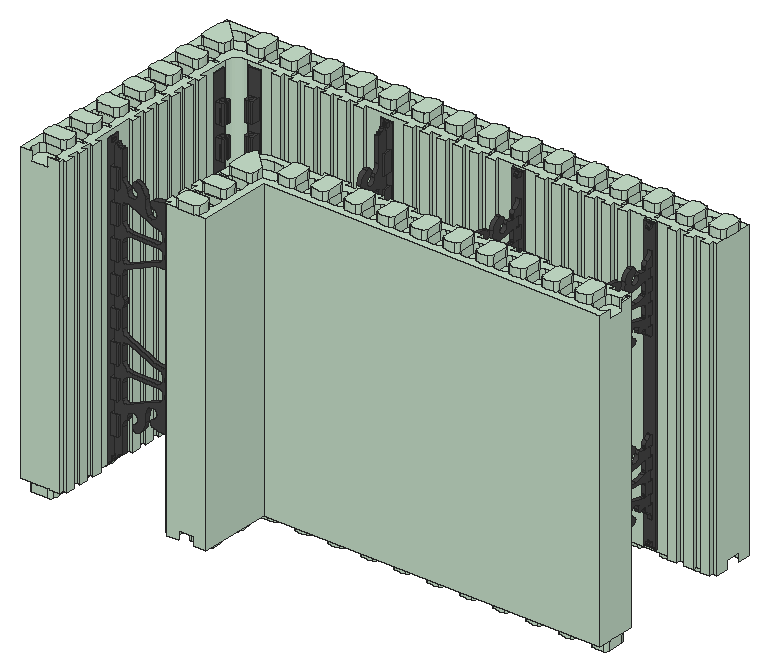
Revit family
Parameters (values of type "6-inch 90 Degree Form Unit")
  URL = "www.nudura.com"
  Overall Form Thickness = 0' - 11 1/4"
  Model = "6-inch 90 Degree Form Unit"
  Manufacturer = "NUDURA Corporation"
  Concrete Core Thickness = 0' - 6"
Reference planes (in)
  plane 1 "Center (Front/Back)": y = 0
  plane 2: z = 0
  plane 3 "Center (Left/Right)": x = 0
  plane 4: y = -3
  plane 5: y = 3
  plane 6: x = 3
  plane 7: x = -3
  plane 8: x = 26
  plane 9: y = -10
  plane 10: z = 18
  plane 11: y = 5.625
  plane 12: x = -5.625
  plane 13: x = 5.625
Forms (in)
  Extrusion 1, solid, material "EPS- NUDURA- Foam Panel"
    sketch origin (0, 0, 0) x (1, 0, 0) y (0, 1, 0)
      loop
        line (-5.625, 5.625) -> (-5.625, -10) -> (-3.25, -10) -> (-3.25, -9.71883) -> (-3, -9.78117) -> (-3, -9.21883) -> (-3.25, -9.28117) -> (-3.25, -8.71883) -> (-3, -8.78117) -> (-3, -8.21883) -> (-3.25, -8.28117) -> (-3.25, -7.71883) -> (-3, -7.78117) -> (-3, -7.21883) -> (-3.25, -7.28117) -> (-3.25, -4.71883) -> (-3, -4.78117) -> (-3, -4.21883) -> (-3.25, -4.28117) -> (-3.25, -3.71883) -> (-3, -3.78117) -> (-3, -3.21883) -> (-3.25, -3.28117) -> (-3.25, -2.71883) -> (-3, -2.78117) -> (-3, -2.21883) -> (-3.25, -2.28117) -> (-3.25, -1.71883) -> (-3, -1.78117) -> (-3, -1.21883) -> (-3.25, -1.28117) -> (-3.25, -0.71883) -> (-3, -0.78117) -> (-3, -0.21883) -> (-3.25, -0.28117) -> (-3.25, 0.28117) -> (-3, 0.21883) -> (-3, 0.78117) -> (-3.25, 0.71883) -> (-3.25, 2.51944)
        arc (-3.25, 2.51944) -> (-3.02357, 3.03725) -> (-2.5, 3.25) r 0.75
        line (-2.5, 3.25) -> (-0.71883, 3.25) -> (-0.78117, 3) -> (-0.21883, 3) -> (-0.28117, 3.25) -> (0.28117, 3.25) -> (0.21883, 3) -> (0.78117, 3) -> (0.71883, 3.25) -> (1.28117, 3.25) -> (1.21883, 3) -> (1.78117, 3) -> (1.71883, 3.25) -> (2.28117, 3.25) -> (2.21883, 3) -> (2.78117, 3) -> (2.71883, 3.25) -> (3.28117, 3.25) -> (3.21883, 3) -> (3.78117, 3) -> (3.71883, 3.25) -> (4.28117, 3.25) -> (4.21883, 3) -> (4.78117, 3) -> (4.71883, 3.25) -> (7.28117, 3.25) -> (7.21883, 3) -> (7.78117, 3) -> (7.71883, 3.25) -> (8.28117, 3.25) -> (8.21883, 3) -> (8.78117, 3) -> (8.71883, 3.25) -> (9.28117, 3.25) -> (9.21883, 3) -> (9.78117, 3) -> (9.71883, 3.25) -> (10.28117, 3.25) -> (10.21883, 3) -> (10.78117, 3) -> (10.71883, 3.25) -> (11.28117, 3.25) -> (11.21883, 3) -> (11.78117, 3) -> (11.71883, 3.25) -> (12.28117, 3.25) -> (12.21883, 3) -> (12.78117, 3) -> (12.71883, 3.25) -> (15.28117, 3.25) -> (15.21883, 3) -> (15.78117, 3) -> (15.71883, 3.25) -> (16.28117, 3.25) -> (16.21883, 3) -> (16.78117, 3) -> (16.71883, 3.25) -> (17.28117, 3.25) -> (17.21883, 3) -> (17.78117, 3) -> (17.71883, 3.25) -> (18.28117, 3.25) -> (18.21883, 3) -> (18.78117, 3) -> (18.71883, 3.25) -> (19.28117, 3.25) -> (19.21883, 3) -> (19.78117, 3) -> (19.71883, 3.25) -> (20.28117, 3.25) -> (20.21883, 3) -> (20.78117, 3) -> (20.71883, 3.25) -> (23.28117, 3.25) -> (23.21883, 3) -> (23.78117, 3) -> (23.71883, 3.25) -> (24.28117, 3.25) -> (24.21883, 3) -> (24.78117, 3) -> (24.71883, 3.25) -> (25.28117, 3.25) -> (25.21883, 3) -> (25.78117, 3) -> (25.71883, 3.25) -> (26, 3.25) -> (26, 5.625) -> (-5.625, 5.625)
      loop
        line (5.625, -5.625) -> (26, -5.625) -> (26, -3.25) -> (25.71883, -3.25) -> (25.78117, -3) -> (25.21883, -3) -> (25.28117, -3.25) -> (24.71883, -3.25) -> (24.78117, -3) -> (24.21883, -3) -> (24.28117, -3.25) -> (23.71883, -3.25) -> (23.78117, -3) -> (23.21883, -3) -> (23.28117, -3.25) -> (20.71883, -3.25) -> (20.78117, -3) -> (20.21883, -3) -> (20.28117, -3.25) -> (19.71883, -3.25) -> (19.78117, -3) -> (19.21883, -3) -> (19.28117, -3.25) -> (18.71883, -3.25) -> (18.78117, -3) -> (18.21883, -3) -> (18.28117, -3.25) -> (17.71883, -3.25) -> (17.78117, -3) -> (17.21883, -3) -> (17.28117, -3.25) -> (16.71883, -3.25) -> (16.78117, -3) -> (16.21883, -3) -> (16.28117, -3.25) -> (15.71883, -3.25) -> (15.78117, -3) -> (15.21883, -3) -> (15.28117, -3.25) -> (12.71883, -3.25) -> (12.78117, -3) -> (12.21883, -3) -> (12.28117, -3.25) -> (11.71883, -3.25) -> (11.78117, -3) -> (11.21883, -3) -> (11.28117, -3.25) -> (10.71883, -3.25) -> (10.78117, -3) -> (10.21883, -3) -> (10.28117, -3.25) -> (9.71883, -3.25) -> (9.78117, -3) -> (9.21883, -3) -> (9.28117, -3.25) -> (8.71883, -3.25) -> (8.78117, -3) -> (8.21883, -3) -> (8.28117, -3.25) -> (7.71883, -3.25) -> (7.78117, -3) -> (7.21883, -3) -> (7.28117, -3.25) -> (4.5, -3.25)
        arc (4.5, -3.25) -> (3.61612, -3.61612) -> (3.25, -4.5) r 1.25
        line (3.25, -4.5) -> (3.25, -7.28117) -> (3, -7.21883) -> (3, -7.78117) -> (3.25, -7.71883) -> (3.25, -8.28117) -> (3, -8.21883) -> (3, -8.78117) -> (3.25, -8.71883) -> (3.25, -9.28117) -> (3, -9.21883) -> (3, -9.78117) -> (3.25, -9.71883) -> (3.25, -10) -> (5.625, -10) -> (5.625, -5.625)
    from 0 to 18
  Extrusion 2, solid, material "EPS- NUDURA- Foam Panel"
    sketch origin (0, 0, 0) x (1, 0, 0) y (0, 1, 0)
      loop
        arc (3.6875, -5.5) -> (3.70047, -5.66548) -> (3.73905, -5.82692) r 1.0625
        arc (3.73905, -5.82692) -> (3.82983, -5.95215) -> (3.97692, -6) r 0.25
        line (3.97692, -6) -> (4.89808, -6)
        arc (4.89808, -6) -> (5.04517, -5.95215) -> (5.13595, -5.82692) r 0.25
        arc (5.13595, -5.82692) -> (5.17453, -5.66548) -> (5.1875, -5.5) r 1.0625
        line (5.1875, -5.5) -> (5.1875, -5.1875) -> (3.98039, -3.98039)
        arc (3.98039, -3.98039) -> (3.76362, -4.30482) -> (3.6875, -4.6875) r 1
        line (3.6875, -4.6875) -> (3.6875, -5.5)
    from 18 to 18.5
  Extrusion 3, solid, material "EPS- NUDURA- Foam Panel"
    sketch origin (0, 0, 0) x (1, 0, 0) y (0, 1, 0)
      loop
        arc (-3.97692, 3) -> (-3.82983, 3.04785) -> (-3.73905, 3.17308) r 0.25
        arc (-3.73905, 3.17308) -> (-3.70047, 3.33452) -> (-3.6875, 3.5) r 1.0625
        line (-3.6875, 3.5) -> (-3.6875, 3.6875) -> (-4.89461, 4.89461)
        arc (-4.89461, 4.89461) -> (-5.11138, 4.57018) -> (-5.1875, 4.1875) r 1
        line (-5.1875, 4.1875) -> (-5.1875, 3.5)
        arc (-5.1875, 3.5) -> (-5.17453, 3.33452) -> (-5.13595, 3.17308) r 1.0625
        arc (-5.13595, 3.17308) -> (-5.04517, 3.04785) -> (-4.89808, 3) r 0.25
        line (-4.89808, 3) -> (-3.97692, 3)
    from 18 to 18.5
  Extrusion 4, void
    sketch origin (0, 0, 0) x (1, 0, 0) y (0, 1, 0)
      loop
        arc (-5.13595, -9.82692) -> (-5.04517, -9.95215) -> (-4.89808, -10) r 0.25
        line (-4.89808, -10) -> (-3.97692, -10)
        arc (-3.97692, -10) -> (-3.88568, -9.98276) -> (-3.80702, -9.9334) r 0.25
        arc (-3.80702, -9.9334) -> (-3.78736, -9.92106) -> (-3.76455, -9.91675) r 0.0625
        line (-3.76455, -9.91675) -> (-3.41845, -9.91675) -> (-3.41845, -9.74592) -> (-3.64005, -9.74592)
        arc (-3.64005, -9.74592) -> (-3.68771, -9.72385) -> (-3.70172, -9.67323) r 0.0625
        arc (-3.70172, -9.67323) -> (-3.69045, -9.42092) -> (-3.73905, -9.17308) r 1.0625
        arc (-3.73905, -9.17308) -> (-3.82983, -9.04785) -> (-3.97692, -9) r 0.25
        line (-3.97692, -9) -> (-4.89808, -9)
        arc (-4.89808, -9) -> (-5.04517, -9.04785) -> (-5.13595, -9.17308) r 0.25
        arc (-5.13595, -9.17308) -> (-5.1875, -9.5) -> (-5.13595, -9.82692) r 1.0625
    from 18 to 17.5
  Extrusion 5, void
    sketch origin (0, 2, 0) x (1, 0, 0) y (0, 1, 0)
      loop
        arc (-5.13595, -9.82692) -> (-5.04517, -9.95215) -> (-4.89808, -10) r 0.25
        line (-4.89808, -10) -> (-3.97692, -10)
        arc (-3.97692, -10) -> (-3.88568, -9.98276) -> (-3.80702, -9.9334) r 0.25
        arc (-3.80702, -9.9334) -> (-3.78736, -9.92106) -> (-3.76455, -9.91675) r 0.0625
        line (-3.76455, -9.91675) -> (-3.41845, -9.91675) -> (-3.41845, -9.74592) -> (-3.64005, -9.74592)
        arc (-3.64005, -9.74592) -> (-3.68771, -9.72385) -> (-3.70172, -9.67323) r 0.0625
        arc (-3.70172, -9.67323) -> (-3.69045, -9.42092) -> (-3.73905, -9.17308) r 1.0625
        arc (-3.73905, -9.17308) -> (-3.82983, -9.04785) -> (-3.97692, -9) r 0.25
        line (-3.97692, -9) -> (-4.89808, -9)
        arc (-4.89808, -9) -> (-5.04517, -9.04785) -> (-5.13595, -9.17308) r 0.25
        arc (-5.13595, -9.17308) -> (-5.1875, -9.5) -> (-5.13595, -9.82692) r 1.0625
    from 18 to 17.5
  Extrusion 6, void
    sketch origin (0, 4, 0) x (1, 0, 0) y (0, 1, 0)
      loop
        arc (-5.13595, -9.82692) -> (-5.04517, -9.95215) -> (-4.89808, -10) r 0.25
        line (-4.89808, -10) -> (-3.97692, -10)
        arc (-3.97692, -10) -> (-3.88568, -9.98276) -> (-3.80702, -9.9334) r 0.25
        arc (-3.80702, -9.9334) -> (-3.78736, -9.92106) -> (-3.76455, -9.91675) r 0.0625
        line (-3.76455, -9.91675) -> (-3.41845, -9.91675) -> (-3.41845, -9.74592) -> (-3.64005, -9.74592)
        arc (-3.64005, -9.74592) -> (-3.68771, -9.72385) -> (-3.70172, -9.67323) r 0.0625
        arc (-3.70172, -9.67323) -> (-3.69045, -9.42092) -> (-3.73905, -9.17308) r 1.0625
        arc (-3.73905, -9.17308) -> (-3.82983, -9.04785) -> (-3.97692, -9) r 0.25
        line (-3.97692, -9) -> (-4.89808, -9)
        arc (-4.89808, -9) -> (-5.04517, -9.04785) -> (-5.13595, -9.17308) r 0.25
        arc (-5.13595, -9.17308) -> (-5.1875, -9.5) -> (-5.13595, -9.82692) r 1.0625
    from 18 to 17.5
  Extrusion 7, void
    sketch origin (0, 6, 0) x (1, 0, 0) y (0, 1, 0)
      loop
        arc (-5.13595, -9.82692) -> (-5.04517, -9.95215) -> (-4.89808, -10) r 0.25
        line (-4.89808, -10) -> (-3.97692, -10)
        arc (-3.97692, -10) -> (-3.88568, -9.98276) -> (-3.80702, -9.9334) r 0.25
        arc (-3.80702, -9.9334) -> (-3.78736, -9.92106) -> (-3.76455, -9.91675) r 0.0625
        line (-3.76455, -9.91675) -> (-3.41845, -9.91675) -> (-3.41845, -9.74592) -> (-3.64005, -9.74592)
        arc (-3.64005, -9.74592) -> (-3.68771, -9.72385) -> (-3.70172, -9.67323) r 0.0625
        arc (-3.70172, -9.67323) -> (-3.69045, -9.42092) -> (-3.73905, -9.17308) r 1.0625
        arc (-3.73905, -9.17308) -> (-3.82983, -9.04785) -> (-3.97692, -9) r 0.25
        line (-3.97692, -9) -> (-4.89808, -9)
        arc (-4.89808, -9) -> (-5.04517, -9.04785) -> (-5.13595, -9.17308) r 0.25
        arc (-5.13595, -9.17308) -> (-5.1875, -9.5) -> (-5.13595, -9.82692) r 1.0625
    from 18 to 17.5
  Extrusion 8, void
    sketch origin (0, 8, 0) x (1, 0, 0) y (0, 1, 0)
      loop
        arc (-5.13595, -9.82692) -> (-5.04517, -9.95215) -> (-4.89808, -10) r 0.25
        line (-4.89808, -10) -> (-3.97692, -10)
        arc (-3.97692, -10) -> (-3.88568, -9.98276) -> (-3.80702, -9.9334) r 0.25
        arc (-3.80702, -9.9334) -> (-3.78736, -9.92106) -> (-3.76455, -9.91675) r 0.0625
        line (-3.76455, -9.91675) -> (-3.41845, -9.91675) -> (-3.41845, -9.74592) -> (-3.64005, -9.74592)
        arc (-3.64005, -9.74592) -> (-3.68771, -9.72385) -> (-3.70172, -9.67323) r 0.0625
        arc (-3.70172, -9.67323) -> (-3.69045, -9.42092) -> (-3.73905, -9.17308) r 1.0625
        arc (-3.73905, -9.17308) -> (-3.82983, -9.04785) -> (-3.97692, -9) r 0.25
        line (-3.97692, -9) -> (-4.89808, -9)
        arc (-4.89808, -9) -> (-5.04517, -9.04785) -> (-5.13595, -9.17308) r 0.25
        arc (-5.13595, -9.17308) -> (-5.1875, -9.5) -> (-5.13595, -9.82692) r 1.0625
    from 18 to 17.5
  Extrusion 9, void
    sketch origin (0, 10, 0) x (1, 0, 0) y (0, 1, 0)
      loop
        arc (-5.13595, -9.82692) -> (-5.04517, -9.95215) -> (-4.89808, -10) r 0.25
        line (-4.89808, -10) -> (-3.97692, -10)
        arc (-3.97692, -10) -> (-3.88568, -9.98276) -> (-3.80702, -9.9334) r 0.25
        arc (-3.80702, -9.9334) -> (-3.78736, -9.92106) -> (-3.76455, -9.91675) r 0.0625
        line (-3.76455, -9.91675) -> (-3.41845, -9.91675) -> (-3.41845, -9.74592) -> (-3.64005, -9.74592)
        arc (-3.64005, -9.74592) -> (-3.68771, -9.72385) -> (-3.70172, -9.67323) r 0.0625
        arc (-3.70172, -9.67323) -> (-3.69045, -9.42092) -> (-3.73905, -9.17308) r 1.0625
        arc (-3.73905, -9.17308) -> (-3.82983, -9.04785) -> (-3.97692, -9) r 0.25
        line (-3.97692, -9) -> (-4.89808, -9)
        arc (-4.89808, -9) -> (-5.04517, -9.04785) -> (-5.13595, -9.17308) r 0.25
        arc (-5.13595, -9.17308) -> (-5.1875, -9.5) -> (-5.13595, -9.82692) r 1.0625
    from 18 to 17.5
  Extrusion 10, void
    sketch origin (0, 12, 0) x (1, 0, 0) y (0, 1, 0)
      loop
        arc (-5.13595, -9.82692) -> (-5.04517, -9.95215) -> (-4.89808, -10) r 0.25
        line (-4.89808, -10) -> (-3.97692, -10)
        arc (-3.97692, -10) -> (-3.88568, -9.98276) -> (-3.80702, -9.9334) r 0.25
        arc (-3.80702, -9.9334) -> (-3.78736, -9.92106) -> (-3.76455, -9.91675) r 0.0625
        line (-3.76455, -9.91675) -> (-3.41845, -9.91675) -> (-3.41845, -9.74592) -> (-3.64005, -9.74592)
        arc (-3.64005, -9.74592) -> (-3.68771, -9.72385) -> (-3.70172, -9.67323) r 0.0625
        arc (-3.70172, -9.67323) -> (-3.69045, -9.42092) -> (-3.73905, -9.17308) r 1.0625
        arc (-3.73905, -9.17308) -> (-3.82983, -9.04785) -> (-3.97692, -9) r 0.25
        line (-3.97692, -9) -> (-4.89808, -9)
        arc (-4.89808, -9) -> (-5.04517, -9.04785) -> (-5.13595, -9.17308) r 0.25
        arc (-5.13595, -9.17308) -> (-5.1875, -9.5) -> (-5.13595, -9.82692) r 1.0625
    from 18 to 17.5
  Extrusion 11, void
    sketch origin (0, 0, 0) x (1, 0, 0) y (0, 1, 0)
      loop
        line (3.97692, -9) -> (4.89808, -9)
        arc (4.89808, -9) -> (5.04517, -8.95215) -> (5.13595, -8.82692) r 0.25
        arc (5.13595, -8.82692) -> (5.1875, -8.5) -> (5.13595, -8.17308) r 1.0625
        arc (5.13595, -8.17308) -> (5.04517, -8.04785) -> (4.89808, -8) r 0.25
        line (4.89808, -8) -> (3.97692, -8)
        arc (3.97692, -8) -> (3.88568, -8.01724) -> (3.80702, -8.0666) r 0.25
        arc (3.80702, -8.0666) -> (3.78736, -8.07894) -> (3.76455, -8.08325) r 0.0625
        line (3.76455, -8.08325) -> (3.41845, -8.08325) -> (3.41845, -8.25408) -> (3.64005, -8.25408)
        arc (3.64005, -8.25408) -> (3.68771, -8.27615) -> (3.70172, -8.32677) r 0.0625
        arc (3.70172, -8.32677) -> (3.69045, -8.57908) -> (3.73905, -8.82692) r 1.0625
        arc (3.73905, -8.82692) -> (3.82983, -8.95215) -> (3.97692, -9) r 0.25
    from 18 to 17.5
  Extrusion 12, void
    sketch origin (0, 2, 0) x (1, 0, 0) y (0, 1, 0)
      loop
        line (3.97692, -9) -> (4.89808, -9)
        arc (4.89808, -9) -> (5.04517, -8.95215) -> (5.13595, -8.82692) r 0.25
        arc (5.13595, -8.82692) -> (5.1875, -8.5) -> (5.13595, -8.17308) r 1.0625
        arc (5.13595, -8.17308) -> (5.04517, -8.04785) -> (4.89808, -8) r 0.25
        line (4.89808, -8) -> (3.97692, -8)
        arc (3.97692, -8) -> (3.88568, -8.01724) -> (3.80702, -8.0666) r 0.25
        arc (3.80702, -8.0666) -> (3.78736, -8.07894) -> (3.76455, -8.08325) r 0.0625
        line (3.76455, -8.08325) -> (3.41845, -8.08325) -> (3.41845, -8.25408) -> (3.64005, -8.25408)
        arc (3.64005, -8.25408) -> (3.68771, -8.27615) -> (3.70172, -8.32677) r 0.0625
        arc (3.70172, -8.32677) -> (3.69045, -8.57908) -> (3.73905, -8.82692) r 1.0625
        arc (3.73905, -8.82692) -> (3.82983, -8.95215) -> (3.97692, -9) r 0.25
    from 18 to 17.5
  Extrusion 13, void
    sketch origin (0, 0, 0) x (1, 0, 0) y (0, 1, 0)
      loop
        arc (-4.1875, 5.1875) -> (-4.57018, 5.11138) -> (-4.89461, 4.89461) r 1
        line (-4.89461, 4.89461) -> (-3.6875, 3.6875) -> (-3.5, 3.6875)
        arc (-3.5, 3.6875) -> (-3.33452, 3.70047) -> (-3.17308, 3.73905) r 1.0625
        arc (-3.17308, 3.73905) -> (-3.04785, 3.82983) -> (-3, 3.97692) r 0.25
        line (-3, 3.97692) -> (-3, 4.89808)
        arc (-3, 4.89808) -> (-3.04785, 5.04517) -> (-3.17308, 5.13595) r 0.25
        arc (-3.17308, 5.13595) -> (-3.33452, 5.17453) -> (-3.5, 5.1875) r 1.0625
        line (-3.5, 5.1875) -> (-4.1875, 5.1875)
    from 18 to 17.5
  Extrusion 14, void
    sketch origin (0, 0, 0) x (1, 0, 0) y (0, 1, 0)
      loop
        arc (4.6875, -3.6875) -> (4.30482, -3.76362) -> (3.98039, -3.98039) r 1
        line (3.98039, -3.98039) -> (5.1875, -5.1875) -> (5.5, -5.1875)
        arc (5.5, -5.1875) -> (5.66548, -5.17453) -> (5.82692, -5.13595) r 1.0625
        arc (5.82692, -5.13595) -> (5.95215, -5.04517) -> (6, -4.89808) r 0.25
        line (6, -4.89808) -> (6, -3.97692)
        arc (6, -3.97692) -> (5.98276, -3.88568) -> (5.9334, -3.80702) r 0.25
        arc (5.9334, -3.80702) -> (5.92106, -3.78736) -> (5.91675, -3.76455) r 0.0625
        line (5.91675, -3.76455) -> (5.91675, -3.41845) -> (5.74592, -3.41845) -> (5.74592, -3.64005)
        arc (5.74592, -3.64005) -> (5.72385, -3.68771) -> (5.67323, -3.70172) r 0.0625
        arc (5.67323, -3.70172) -> (5.58691, -3.69106) -> (5.5, -3.6875) r 1.0625
        line (5.5, -3.6875) -> (4.6875, -3.6875)
    from 18 to 17.5
  Extrusion 15, void
    sketch origin (0, 0, 0) x (1, 0, 0) y (0, 1, 0)
      loop
        line (7, -3.97692) -> (7, -4.89808)
        arc (7, -4.89808) -> (7.04785, -5.04517) -> (7.17308, -5.13595) r 0.25
        arc (7.17308, -5.13595) -> (7.5, -5.1875) -> (7.82692, -5.13595) r 1.0625
        arc (7.82692, -5.13595) -> (7.95215, -5.04517) -> (8, -4.89808) r 0.25
        line (8, -4.89808) -> (8, -3.97692)
        arc (8, -3.97692) -> (7.98276, -3.88568) -> (7.9334, -3.80702) r 0.25
        arc (7.9334, -3.80702) -> (7.92106, -3.78736) -> (7.91675, -3.76455) r 0.0625
        line (7.91675, -3.76455) -> (7.91675, -3.41845) -> (7.74592, -3.41845) -> (7.74592, -3.64005)
        arc (7.74592, -3.64005) -> (7.72385, -3.68771) -> (7.67323, -3.70172) r 0.0625
        arc (7.67323, -3.70172) -> (7.42092, -3.69045) -> (7.17308, -3.73905) r 1.0625
        arc (7.17308, -3.73905) -> (7.04785, -3.82983) -> (7, -3.97692) r 0.25
    from 18 to 17.5
  Extrusion 16, void
    sketch origin (2, 0, 0) x (1, 0, 0) y (0, 1, 0)
      loop
        line (7, -3.97692) -> (7, -4.89808)
        arc (7, -4.89808) -> (7.04785, -5.04517) -> (7.17308, -5.13595) r 0.25
        arc (7.17308, -5.13595) -> (7.5, -5.1875) -> (7.82692, -5.13595) r 1.0625
        arc (7.82692, -5.13595) -> (7.95215, -5.04517) -> (8, -4.89808) r 0.25
        line (8, -4.89808) -> (8, -3.97692)
        arc (8, -3.97692) -> (7.98276, -3.88568) -> (7.9334, -3.80702) r 0.25
        arc (7.9334, -3.80702) -> (7.92106, -3.78736) -> (7.91675, -3.76455) r 0.0625
        line (7.91675, -3.76455) -> (7.91675, -3.41845) -> (7.74592, -3.41845) -> (7.74592, -3.64005)
        arc (7.74592, -3.64005) -> (7.72385, -3.68771) -> (7.67323, -3.70172) r 0.0625
        arc (7.67323, -3.70172) -> (7.42092, -3.69045) -> (7.17308, -3.73905) r 1.0625
        arc (7.17308, -3.73905) -> (7.04785, -3.82983) -> (7, -3.97692) r 0.25
    from 18 to 17.5
  Extrusion 17, void
    sketch origin (4, 0, 0) x (1, 0, 0) y (0, 1, 0)
      loop
        line (7, -3.97692) -> (7, -4.89808)
        arc (7, -4.89808) -> (7.04785, -5.04517) -> (7.17308, -5.13595) r 0.25
        arc (7.17308, -5.13595) -> (7.5, -5.1875) -> (7.82692, -5.13595) r 1.0625
        arc (7.82692, -5.13595) -> (7.95215, -5.04517) -> (8, -4.89808) r 0.25
        line (8, -4.89808) -> (8, -3.97692)
        arc (8, -3.97692) -> (7.98276, -3.88568) -> (7.9334, -3.80702) r 0.25
        arc (7.9334, -3.80702) -> (7.92106, -3.78736) -> (7.91675, -3.76455) r 0.0625
        line (7.91675, -3.76455) -> (7.91675, -3.41845) -> (7.74592, -3.41845) -> (7.74592, -3.64005)
        arc (7.74592, -3.64005) -> (7.72385, -3.68771) -> (7.67323, -3.70172) r 0.0625
        arc (7.67323, -3.70172) -> (7.42092, -3.69045) -> (7.17308, -3.73905) r 1.0625
        arc (7.17308, -3.73905) -> (7.04785, -3.82983) -> (7, -3.97692) r 0.25
    from 18 to 17.5
  Extrusion 18, void
    sketch origin (6, 0, 0) x (1, 0, 0) y (0, 1, 0)
      loop
        line (7, -3.97692) -> (7, -4.89808)
        arc (7, -4.89808) -> (7.04785, -5.04517) -> (7.17308, -5.13595) r 0.25
        arc (7.17308, -5.13595) -> (7.5, -5.1875) -> (7.82692, -5.13595) r 1.0625
        arc (7.82692, -5.13595) -> (7.95215, -5.04517) -> (8, -4.89808) r 0.25
        line (8, -4.89808) -> (8, -3.97692)
        arc (8, -3.97692) -> (7.98276, -3.88568) -> (7.9334, -3.80702) r 0.25
        arc (7.9334, -3.80702) -> (7.92106, -3.78736) -> (7.91675, -3.76455) r 0.0625
        line (7.91675, -3.76455) -> (7.91675, -3.41845) -> (7.74592, -3.41845) -> (7.74592, -3.64005)
        arc (7.74592, -3.64005) -> (7.72385, -3.68771) -> (7.67323, -3.70172) r 0.0625
        arc (7.67323, -3.70172) -> (7.42092, -3.69045) -> (7.17308, -3.73905) r 1.0625
        arc (7.17308, -3.73905) -> (7.04785, -3.82983) -> (7, -3.97692) r 0.25
    from 18 to 17.5
  Extrusion 19, void
    sketch origin (8, 0, 0) x (1, 0, 0) y (0, 1, 0)
      loop
        line (7, -3.97692) -> (7, -4.89808)
        arc (7, -4.89808) -> (7.04785, -5.04517) -> (7.17308, -5.13595) r 0.25
        arc (7.17308, -5.13595) -> (7.5, -5.1875) -> (7.82692, -5.13595) r 1.0625
        arc (7.82692, -5.13595) -> (7.95215, -5.04517) -> (8, -4.89808) r 0.25
        line (8, -4.89808) -> (8, -3.97692)
        arc (8, -3.97692) -> (7.98276, -3.88568) -> (7.9334, -3.80702) r 0.25
        arc (7.9334, -3.80702) -> (7.92106, -3.78736) -> (7.91675, -3.76455) r 0.0625
        line (7.91675, -3.76455) -> (7.91675, -3.41845) -> (7.74592, -3.41845) -> (7.74592, -3.64005)
        arc (7.74592, -3.64005) -> (7.72385, -3.68771) -> (7.67323, -3.70172) r 0.0625
        arc (7.67323, -3.70172) -> (7.42092, -3.69045) -> (7.17308, -3.73905) r 1.0625
        arc (7.17308, -3.73905) -> (7.04785, -3.82983) -> (7, -3.97692) r 0.25
    from 18 to 17.5
  Extrusion 20, void
    sketch origin (10, 0, 0) x (1, 0, 0) y (0, 1, 0)
      loop
        line (7, -3.97692) -> (7, -4.89808)
        arc (7, -4.89808) -> (7.04785, -5.04517) -> (7.17308, -5.13595) r 0.25
        arc (7.17308, -5.13595) -> (7.5, -5.1875) -> (7.82692, -5.13595) r 1.0625
        arc (7.82692, -5.13595) -> (7.95215, -5.04517) -> (8, -4.89808) r 0.25
        line (8, -4.89808) -> (8, -3.97692)
        arc (8, -3.97692) -> (7.98276, -3.88568) -> (7.9334, -3.80702) r 0.25
        arc (7.9334, -3.80702) -> (7.92106, -3.78736) -> (7.91675, -3.76455) r 0.0625
        line (7.91675, -3.76455) -> (7.91675, -3.41845) -> (7.74592, -3.41845) -> (7.74592, -3.64005)
        arc (7.74592, -3.64005) -> (7.72385, -3.68771) -> (7.67323, -3.70172) r 0.0625
        arc (7.67323, -3.70172) -> (7.42092, -3.69045) -> (7.17308, -3.73905) r 1.0625
        arc (7.17308, -3.73905) -> (7.04785, -3.82983) -> (7, -3.97692) r 0.25
    from 18 to 17.5
  Extrusion 21, void
    sketch origin (12, 0, 0) x (1, 0, 0) y (0, 1, 0)
      loop
        line (7, -3.97692) -> (7, -4.89808)
        arc (7, -4.89808) -> (7.04785, -5.04517) -> (7.17308, -5.13595) r 0.25
        arc (7.17308, -5.13595) -> (7.5, -5.1875) -> (7.82692, -5.13595) r 1.0625
        arc (7.82692, -5.13595) -> (7.95215, -5.04517) -> (8, -4.89808) r 0.25
        line (8, -4.89808) -> (8, -3.97692)
        arc (8, -3.97692) -> (7.98276, -3.88568) -> (7.9334, -3.80702) r 0.25
        arc (7.9334, -3.80702) -> (7.92106, -3.78736) -> (7.91675, -3.76455) r 0.0625
        line (7.91675, -3.76455) -> (7.91675, -3.41845) -> (7.74592, -3.41845) -> (7.74592, -3.64005)
        arc (7.74592, -3.64005) -> (7.72385, -3.68771) -> (7.67323, -3.70172) r 0.0625
        arc (7.67323, -3.70172) -> (7.42092, -3.69045) -> (7.17308, -3.73905) r 1.0625
        arc (7.17308, -3.73905) -> (7.04785, -3.82983) -> (7, -3.97692) r 0.25
    from 18 to 17.5
  Extrusion 22, void
    sketch origin (14, 0, 0) x (1, 0, 0) y (0, 1, 0)
      loop
        line (7, -3.97692) -> (7, -4.89808)
        arc (7, -4.89808) -> (7.04785, -5.04517) -> (7.17308, -5.13595) r 0.25
        arc (7.17308, -5.13595) -> (7.5, -5.1875) -> (7.82692, -5.13595) r 1.0625
        arc (7.82692, -5.13595) -> (7.95215, -5.04517) -> (8, -4.89808) r 0.25
        line (8, -4.89808) -> (8, -3.97692)
        arc (8, -3.97692) -> (7.98276, -3.88568) -> (7.9334, -3.80702) r 0.25
        arc (7.9334, -3.80702) -> (7.92106, -3.78736) -> (7.91675, -3.76455) r 0.0625
        line (7.91675, -3.76455) -> (7.91675, -3.41845) -> (7.74592, -3.41845) -> (7.74592, -3.64005)
        arc (7.74592, -3.64005) -> (7.72385, -3.68771) -> (7.67323, -3.70172) r 0.0625
        arc (7.67323, -3.70172) -> (7.42092, -3.69045) -> (7.17308, -3.73905) r 1.0625
        arc (7.17308, -3.73905) -> (7.04785, -3.82983) -> (7, -3.97692) r 0.25
    from 18 to 17.5
  Extrusion 23, void
    sketch origin (16, 0, 0) x (1, 0, 0) y (0, 1, 0)
      loop
        line (7, -3.97692) -> (7, -4.89808)
        arc (7, -4.89808) -> (7.04785, -5.04517) -> (7.17308, -5.13595) r 0.25
        arc (7.17308, -5.13595) -> (7.5, -5.1875) -> (7.82692, -5.13595) r 1.0625
        arc (7.82692, -5.13595) -> (7.95215, -5.04517) -> (8, -4.89808) r 0.25
        line (8, -4.89808) -> (8, -3.97692)
        arc (8, -3.97692) -> (7.98276, -3.88568) -> (7.9334, -3.80702) r 0.25
        arc (7.9334, -3.80702) -> (7.92106, -3.78736) -> (7.91675, -3.76455) r 0.0625
        line (7.91675, -3.76455) -> (7.91675, -3.41845) -> (7.74592, -3.41845) -> (7.74592, -3.64005)
        arc (7.74592, -3.64005) -> (7.72385, -3.68771) -> (7.67323, -3.70172) r 0.0625
        arc (7.67323, -3.70172) -> (7.42092, -3.69045) -> (7.17308, -3.73905) r 1.0625
        arc (7.17308, -3.73905) -> (7.04785, -3.82983) -> (7, -3.97692) r 0.25
    from 18 to 17.5
  Extrusion 24, void
    sketch origin (18, 0, 0) x (1, 0, 0) y (0, 1, 0)
      loop
        line (7, -3.97692) -> (7, -4.89808)
        arc (7, -4.89808) -> (7.04785, -5.04517) -> (7.17308, -5.13595) r 0.25
        arc (7.17308, -5.13595) -> (7.5, -5.1875) -> (7.82692, -5.13595) r 1.0625
        arc (7.82692, -5.13595) -> (7.95215, -5.04517) -> (8, -4.89808) r 0.25
        line (8, -4.89808) -> (8, -3.97692)
        arc (8, -3.97692) -> (7.98276, -3.88568) -> (7.9334, -3.80702) r 0.25
        arc (7.9334, -3.80702) -> (7.92106, -3.78736) -> (7.91675, -3.76455) r 0.0625
        line (7.91675, -3.76455) -> (7.91675, -3.41845) -> (7.74592, -3.41845) -> (7.74592, -3.64005)
        arc (7.74592, -3.64005) -> (7.72385, -3.68771) -> (7.67323, -3.70172) r 0.0625
        arc (7.67323, -3.70172) -> (7.42092, -3.69045) -> (7.17308, -3.73905) r 1.0625
        arc (7.17308, -3.73905) -> (7.04785, -3.82983) -> (7, -3.97692) r 0.25
    from 18 to 17.5
  Extrusion 25, void
    sketch origin (0, 0, 0) x (1, 0, 0) y (0, 1, 0)
      loop
        arc (-1.82692, 5.13595) -> (-1.95215, 5.04517) -> (-2, 4.89808) r 0.25
        line (-2, 4.89808) -> (-2, 3.97692)
        arc (-2, 3.97692) -> (-1.98276, 3.88568) -> (-1.9334, 3.80702) r 0.25
        arc (-1.9334, 3.80702) -> (-1.92106, 3.78736) -> (-1.91675, 3.76455) r 0.0625
        line (-1.91675, 3.76455) -> (-1.91675, 3.41845) -> (-1.74592, 3.41845) -> (-1.74592, 3.64005)
        arc (-1.74592, 3.64005) -> (-1.72385, 3.68771) -> (-1.67323, 3.70172) r 0.0625
        arc (-1.67323, 3.70172) -> (-1.42092, 3.69045) -> (-1.17308, 3.73905) r 1.0625
        arc (-1.17308, 3.73905) -> (-1.04785, 3.82983) -> (-1, 3.97692) r 0.25
        line (-1, 3.97692) -> (-1, 4.89808)
        arc (-1, 4.89808) -> (-1.04785, 5.04517) -> (-1.17308, 5.13595) r 0.25
        arc (-1.17308, 5.13595) -> (-1.5, 5.1875) -> (-1.82692, 5.13595) r 1.0625
    from 18 to 17.5
  Extrusion 26, void
    sketch origin (2, 0, 0) x (1, 0, 0) y (0, 1, 0)
      loop
        arc (-1.82692, 5.13595) -> (-1.95215, 5.04517) -> (-2, 4.89808) r 0.25
        line (-2, 4.89808) -> (-2, 3.97692)
        arc (-2, 3.97692) -> (-1.98276, 3.88568) -> (-1.9334, 3.80702) r 0.25
        arc (-1.9334, 3.80702) -> (-1.92106, 3.78736) -> (-1.91675, 3.76455) r 0.0625
        line (-1.91675, 3.76455) -> (-1.91675, 3.41845) -> (-1.74592, 3.41845) -> (-1.74592, 3.64005)
        arc (-1.74592, 3.64005) -> (-1.72385, 3.68771) -> (-1.67323, 3.70172) r 0.0625
        arc (-1.67323, 3.70172) -> (-1.42092, 3.69045) -> (-1.17308, 3.73905) r 1.0625
        arc (-1.17308, 3.73905) -> (-1.04785, 3.82983) -> (-1, 3.97692) r 0.25
        line (-1, 3.97692) -> (-1, 4.89808)
        arc (-1, 4.89808) -> (-1.04785, 5.04517) -> (-1.17308, 5.13595) r 0.25
        arc (-1.17308, 5.13595) -> (-1.5, 5.1875) -> (-1.82692, 5.13595) r 1.0625
    from 18 to 17.5
  Extrusion 27, void
    sketch origin (4, 0, 0) x (1, 0, 0) y (0, 1, 0)
      loop
        arc (-1.82692, 5.13595) -> (-1.95215, 5.04517) -> (-2, 4.89808) r 0.25
        line (-2, 4.89808) -> (-2, 3.97692)
        arc (-2, 3.97692) -> (-1.98276, 3.88568) -> (-1.9334, 3.80702) r 0.25
        arc (-1.9334, 3.80702) -> (-1.92106, 3.78736) -> (-1.91675, 3.76455) r 0.0625
        line (-1.91675, 3.76455) -> (-1.91675, 3.41845) -> (-1.74592, 3.41845) -> (-1.74592, 3.64005)
        arc (-1.74592, 3.64005) -> (-1.72385, 3.68771) -> (-1.67323, 3.70172) r 0.0625
        arc (-1.67323, 3.70172) -> (-1.42092, 3.69045) -> (-1.17308, 3.73905) r 1.0625
        arc (-1.17308, 3.73905) -> (-1.04785, 3.82983) -> (-1, 3.97692) r 0.25
        line (-1, 3.97692) -> (-1, 4.89808)
        arc (-1, 4.89808) -> (-1.04785, 5.04517) -> (-1.17308, 5.13595) r 0.25
        arc (-1.17308, 5.13595) -> (-1.5, 5.1875) -> (-1.82692, 5.13595) r 1.0625
    from 18 to 17.5
  Extrusion 28, void
    sketch origin (6, 0, 0) x (1, 0, 0) y (0, 1, 0)
      loop
        arc (-1.82692, 5.13595) -> (-1.95215, 5.04517) -> (-2, 4.89808) r 0.25
        line (-2, 4.89808) -> (-2, 3.97692)
        arc (-2, 3.97692) -> (-1.98276, 3.88568) -> (-1.9334, 3.80702) r 0.25
        arc (-1.9334, 3.80702) -> (-1.92106, 3.78736) -> (-1.91675, 3.76455) r 0.0625
        line (-1.91675, 3.76455) -> (-1.91675, 3.41845) -> (-1.74592, 3.41845) -> (-1.74592, 3.64005)
        arc (-1.74592, 3.64005) -> (-1.72385, 3.68771) -> (-1.67323, 3.70172) r 0.0625
        arc (-1.67323, 3.70172) -> (-1.42092, 3.69045) -> (-1.17308, 3.73905) r 1.0625
        arc (-1.17308, 3.73905) -> (-1.04785, 3.82983) -> (-1, 3.97692) r 0.25
        line (-1, 3.97692) -> (-1, 4.89808)
        arc (-1, 4.89808) -> (-1.04785, 5.04517) -> (-1.17308, 5.13595) r 0.25
        arc (-1.17308, 5.13595) -> (-1.5, 5.1875) -> (-1.82692, 5.13595) r 1.0625
    from 18 to 17.5
  Extrusion 29, void
    sketch origin (8, 0, 0) x (1, 0, 0) y (0, 1, 0)
      loop
        arc (-1.82692, 5.13595) -> (-1.95215, 5.04517) -> (-2, 4.89808) r 0.25
        line (-2, 4.89808) -> (-2, 3.97692)
        arc (-2, 3.97692) -> (-1.98276, 3.88568) -> (-1.9334, 3.80702) r 0.25
        arc (-1.9334, 3.80702) -> (-1.92106, 3.78736) -> (-1.91675, 3.76455) r 0.0625
        line (-1.91675, 3.76455) -> (-1.91675, 3.41845) -> (-1.74592, 3.41845) -> (-1.74592, 3.64005)
        arc (-1.74592, 3.64005) -> (-1.72385, 3.68771) -> (-1.67323, 3.70172) r 0.0625
        arc (-1.67323, 3.70172) -> (-1.42092, 3.69045) -> (-1.17308, 3.73905) r 1.0625
        arc (-1.17308, 3.73905) -> (-1.04785, 3.82983) -> (-1, 3.97692) r 0.25
        line (-1, 3.97692) -> (-1, 4.89808)
        arc (-1, 4.89808) -> (-1.04785, 5.04517) -> (-1.17308, 5.13595) r 0.25
        arc (-1.17308, 5.13595) -> (-1.5, 5.1875) -> (-1.82692, 5.13595) r 1.0625
    from 18 to 17.5
  Extrusion 30, void
    sketch origin (10, 0, 0) x (1, 0, 0) y (0, 1, 0)
      loop
        arc (-1.82692, 5.13595) -> (-1.95215, 5.04517) -> (-2, 4.89808) r 0.25
        line (-2, 4.89808) -> (-2, 3.97692)
        arc (-2, 3.97692) -> (-1.98276, 3.88568) -> (-1.9334, 3.80702) r 0.25
        arc (-1.9334, 3.80702) -> (-1.92106, 3.78736) -> (-1.91675, 3.76455) r 0.0625
        line (-1.91675, 3.76455) -> (-1.91675, 3.41845) -> (-1.74592, 3.41845) -> (-1.74592, 3.64005)
        arc (-1.74592, 3.64005) -> (-1.72385, 3.68771) -> (-1.67323, 3.70172) r 0.0625
        arc (-1.67323, 3.70172) -> (-1.42092, 3.69045) -> (-1.17308, 3.73905) r 1.0625
        arc (-1.17308, 3.73905) -> (-1.04785, 3.82983) -> (-1, 3.97692) r 0.25
        line (-1, 3.97692) -> (-1, 4.89808)
        arc (-1, 4.89808) -> (-1.04785, 5.04517) -> (-1.17308, 5.13595) r 0.25
        arc (-1.17308, 5.13595) -> (-1.5, 5.1875) -> (-1.82692, 5.13595) r 1.0625
    from 18 to 17.5
  Extrusion 31, void
    sketch origin (12, 0, 0) x (1, 0, 0) y (0, 1, 0)
      loop
        arc (-1.82692, 5.13595) -> (-1.95215, 5.04517) -> (-2, 4.89808) r 0.25
        line (-2, 4.89808) -> (-2, 3.97692)
        arc (-2, 3.97692) -> (-1.98276, 3.88568) -> (-1.9334, 3.80702) r 0.25
        arc (-1.9334, 3.80702) -> (-1.92106, 3.78736) -> (-1.91675, 3.76455) r 0.0625
        line (-1.91675, 3.76455) -> (-1.91675, 3.41845) -> (-1.74592, 3.41845) -> (-1.74592, 3.64005)
        arc (-1.74592, 3.64005) -> (-1.72385, 3.68771) -> (-1.67323, 3.70172) r 0.0625
        arc (-1.67323, 3.70172) -> (-1.42092, 3.69045) -> (-1.17308, 3.73905) r 1.0625
        arc (-1.17308, 3.73905) -> (-1.04785, 3.82983) -> (-1, 3.97692) r 0.25
        line (-1, 3.97692) -> (-1, 4.89808)
        arc (-1, 4.89808) -> (-1.04785, 5.04517) -> (-1.17308, 5.13595) r 0.25
        arc (-1.17308, 5.13595) -> (-1.5, 5.1875) -> (-1.82692, 5.13595) r 1.0625
    from 18 to 17.5
  Extrusion 32, void
    sketch origin (14, 0, 0) x (1, 0, 0) y (0, 1, 0)
      loop
        arc (-1.82692, 5.13595) -> (-1.95215, 5.04517) -> (-2, 4.89808) r 0.25
        line (-2, 4.89808) -> (-2, 3.97692)
        arc (-2, 3.97692) -> (-1.98276, 3.88568) -> (-1.9334, 3.80702) r 0.25
        arc (-1.9334, 3.80702) -> (-1.92106, 3.78736) -> (-1.91675, 3.76455) r 0.0625
        line (-1.91675, 3.76455) -> (-1.91675, 3.41845) -> (-1.74592, 3.41845) -> (-1.74592, 3.64005)
        arc (-1.74592, 3.64005) -> (-1.72385, 3.68771) -> (-1.67323, 3.70172) r 0.0625
        arc (-1.67323, 3.70172) -> (-1.42092, 3.69045) -> (-1.17308, 3.73905) r 1.0625
        arc (-1.17308, 3.73905) -> (-1.04785, 3.82983) -> (-1, 3.97692) r 0.25
        line (-1, 3.97692) -> (-1, 4.89808)
        arc (-1, 4.89808) -> (-1.04785, 5.04517) -> (-1.17308, 5.13595) r 0.25
        arc (-1.17308, 5.13595) -> (-1.5, 5.1875) -> (-1.82692, 5.13595) r 1.0625
    from 18 to 17.5
  Extrusion 33, void
    sketch origin (16, 0, 0) x (1, 0, 0) y (0, 1, 0)
      loop
        arc (-1.82692, 5.13595) -> (-1.95215, 5.04517) -> (-2, 4.89808) r 0.25
        line (-2, 4.89808) -> (-2, 3.97692)
        arc (-2, 3.97692) -> (-1.98276, 3.88568) -> (-1.9334, 3.80702) r 0.25
        arc (-1.9334, 3.80702) -> (-1.92106, 3.78736) -> (-1.91675, 3.76455) r 0.0625
        line (-1.91675, 3.76455) -> (-1.91675, 3.41845) -> (-1.74592, 3.41845) -> (-1.74592, 3.64005)
        arc (-1.74592, 3.64005) -> (-1.72385, 3.68771) -> (-1.67323, 3.70172) r 0.0625
        arc (-1.67323, 3.70172) -> (-1.42092, 3.69045) -> (-1.17308, 3.73905) r 1.0625
        arc (-1.17308, 3.73905) -> (-1.04785, 3.82983) -> (-1, 3.97692) r 0.25
        line (-1, 3.97692) -> (-1, 4.89808)
        arc (-1, 4.89808) -> (-1.04785, 5.04517) -> (-1.17308, 5.13595) r 0.25
        arc (-1.17308, 5.13595) -> (-1.5, 5.1875) -> (-1.82692, 5.13595) r 1.0625
    from 18 to 17.5
  Extrusion 34, void
    sketch origin (18, 0, 0) x (1, 0, 0) y (0, 1, 0)
      loop
        arc (-1.82692, 5.13595) -> (-1.95215, 5.04517) -> (-2, 4.89808) r 0.25
        line (-2, 4.89808) -> (-2, 3.97692)
        arc (-2, 3.97692) -> (-1.98276, 3.88568) -> (-1.9334, 3.80702) r 0.25
        arc (-1.9334, 3.80702) -> (-1.92106, 3.78736) -> (-1.91675, 3.76455) r 0.0625
        line (-1.91675, 3.76455) -> (-1.91675, 3.41845) -> (-1.74592, 3.41845) -> (-1.74592, 3.64005)
        arc (-1.74592, 3.64005) -> (-1.72385, 3.68771) -> (-1.67323, 3.70172) r 0.0625
        arc (-1.67323, 3.70172) -> (-1.42092, 3.69045) -> (-1.17308, 3.73905) r 1.0625
        arc (-1.17308, 3.73905) -> (-1.04785, 3.82983) -> (-1, 3.97692) r 0.25
        line (-1, 3.97692) -> (-1, 4.89808)
        arc (-1, 4.89808) -> (-1.04785, 5.04517) -> (-1.17308, 5.13595) r 0.25
        arc (-1.17308, 5.13595) -> (-1.5, 5.1875) -> (-1.82692, 5.13595) r 1.0625
    from 18 to 17.5
  Extrusion 35, void
    sketch origin (20, 0, 0) x (1, 0, 0) y (0, 1, 0)
      loop
        arc (-1.82692, 5.13595) -> (-1.95215, 5.04517) -> (-2, 4.89808) r 0.25
        line (-2, 4.89808) -> (-2, 3.97692)
        arc (-2, 3.97692) -> (-1.98276, 3.88568) -> (-1.9334, 3.80702) r 0.25
        arc (-1.9334, 3.80702) -> (-1.92106, 3.78736) -> (-1.91675, 3.76455) r 0.0625
        line (-1.91675, 3.76455) -> (-1.91675, 3.41845) -> (-1.74592, 3.41845) -> (-1.74592, 3.64005)
        arc (-1.74592, 3.64005) -> (-1.72385, 3.68771) -> (-1.67323, 3.70172) r 0.0625
        arc (-1.67323, 3.70172) -> (-1.42092, 3.69045) -> (-1.17308, 3.73905) r 1.0625
        arc (-1.17308, 3.73905) -> (-1.04785, 3.82983) -> (-1, 3.97692) r 0.25
        line (-1, 3.97692) -> (-1, 4.89808)
        arc (-1, 4.89808) -> (-1.04785, 5.04517) -> (-1.17308, 5.13595) r 0.25
        arc (-1.17308, 5.13595) -> (-1.5, 5.1875) -> (-1.82692, 5.13595) r 1.0625
    from 18 to 17.5
  Extrusion 36, void
    sketch origin (22, 0, 0) x (1, 0, 0) y (0, 1, 0)
      loop
        arc (-1.82692, 5.13595) -> (-1.95215, 5.04517) -> (-2, 4.89808) r 0.25
        line (-2, 4.89808) -> (-2, 3.97692)
        arc (-2, 3.97692) -> (-1.98276, 3.88568) -> (-1.9334, 3.80702) r 0.25
        arc (-1.9334, 3.80702) -> (-1.92106, 3.78736) -> (-1.91675, 3.76455) r 0.0625
        line (-1.91675, 3.76455) -> (-1.91675, 3.41845) -> (-1.74592, 3.41845) -> (-1.74592, 3.64005)
        arc (-1.74592, 3.64005) -> (-1.72385, 3.68771) -> (-1.67323, 3.70172) r 0.0625
        arc (-1.67323, 3.70172) -> (-1.42092, 3.69045) -> (-1.17308, 3.73905) r 1.0625
        arc (-1.17308, 3.73905) -> (-1.04785, 3.82983) -> (-1, 3.97692) r 0.25
        line (-1, 3.97692) -> (-1, 4.89808)
        arc (-1, 4.89808) -> (-1.04785, 5.04517) -> (-1.17308, 5.13595) r 0.25
        arc (-1.17308, 5.13595) -> (-1.5, 5.1875) -> (-1.82692, 5.13595) r 1.0625
    from 18 to 17.5
  Extrusion 37, void
    sketch origin (24, 0, 0) x (1, 0, 0) y (0, 1, 0)
      loop
        arc (-1.82692, 5.13595) -> (-1.95215, 5.04517) -> (-2, 4.89808) r 0.25
        line (-2, 4.89808) -> (-2, 3.97692)
        arc (-2, 3.97692) -> (-1.98276, 3.88568) -> (-1.9334, 3.80702) r 0.25
        arc (-1.9334, 3.80702) -> (-1.92106, 3.78736) -> (-1.91675, 3.76455) r 0.0625
        line (-1.91675, 3.76455) -> (-1.91675, 3.41845) -> (-1.74592, 3.41845) -> (-1.74592, 3.64005)
        arc (-1.74592, 3.64005) -> (-1.72385, 3.68771) -> (-1.67323, 3.70172) r 0.0625
        arc (-1.67323, 3.70172) -> (-1.42092, 3.69045) -> (-1.17308, 3.73905) r 1.0625
        arc (-1.17308, 3.73905) -> (-1.04785, 3.82983) -> (-1, 3.97692) r 0.25
        line (-1, 3.97692) -> (-1, 4.89808)
        arc (-1, 4.89808) -> (-1.04785, 5.04517) -> (-1.17308, 5.13595) r 0.25
        arc (-1.17308, 5.13595) -> (-1.5, 5.1875) -> (-1.82692, 5.13595) r 1.0625
    from 18 to 17.5
  Extrusion 38, void
    sketch origin (26, 0, 0) x (1, 0, 0) y (0, 1, 0)
      loop
        arc (-1.82692, 5.13595) -> (-1.95215, 5.04517) -> (-2, 4.89808) r 0.25
        line (-2, 4.89808) -> (-2, 3.97692)
        arc (-2, 3.97692) -> (-1.98276, 3.88568) -> (-1.9334, 3.80702) r 0.25
        arc (-1.9334, 3.80702) -> (-1.92106, 3.78736) -> (-1.91675, 3.76455) r 0.0625
        line (-1.91675, 3.76455) -> (-1.91675, 3.41845) -> (-1.74592, 3.41845) -> (-1.74592, 3.64005)
        arc (-1.74592, 3.64005) -> (-1.72385, 3.68771) -> (-1.67323, 3.70172) r 0.0625
        arc (-1.67323, 3.70172) -> (-1.42092, 3.69045) -> (-1.17308, 3.73905) r 1.0625
        arc (-1.17308, 3.73905) -> (-1.04785, 3.82983) -> (-1, 3.97692) r 0.25
        line (-1, 3.97692) -> (-1, 4.89808)
        arc (-1, 4.89808) -> (-1.04785, 5.04517) -> (-1.17308, 5.13595) r 0.25
        arc (-1.17308, 5.13595) -> (-1.5, 5.1875) -> (-1.82692, 5.13595) r 1.0625
    from 18 to 17.5
  Extrusion 39, void
    sketch origin (0, 3.40791, 0) x (1, 0, 0) y (0, 1, 0)
      loop
        arc (-5.13595, -11.58099) -> (-5.1875, -11.90791) -> (-5.13595, -12.23483) r 1.0625
        arc (-5.13595, -12.23483) -> (-5.04517, -12.36006) -> (-4.89808, -12.40791) r 0.25
        line (-4.89808, -12.40791) -> (-3.97692, -12.40791)
        arc (-3.97692, -12.40791) -> (-3.82983, -12.36006) -> (-3.73905, -12.23483) r 0.25
        arc (-3.73905, -12.23483) -> (-3.69045, -11.98699) -> (-3.70172, -11.73468) r 1.0625
        arc (-3.70172, -11.73468) -> (-3.68771, -11.68406) -> (-3.64005, -11.66199) r 0.0625
        line (-3.64005, -11.66199) -> (-3.41845, -11.66199) -> (-3.41845, -11.49116) -> (-3.76455, -11.49116)
        arc (-3.76455, -11.49116) -> (-3.78736, -11.48685) -> (-3.80702, -11.47451) r 0.0625
        arc (-3.80702, -11.47451) -> (-3.88568, -11.42516) -> (-3.97692, -11.40791) r 0.25
        line (-3.97692, -11.40791) -> (-4.89808, -11.40791)
        arc (-4.89808, -11.40791) -> (-5.04517, -11.45576) -> (-5.13595, -11.58099) r 0.25
    from 0 to 0.5
  Extrusion 40, void
    sketch origin (0, 5.40791, 0) x (1, 0, 0) y (0, 1, 0)
      loop
        arc (-5.13595, -11.58099) -> (-5.1875, -11.90791) -> (-5.13595, -12.23483) r 1.0625
        arc (-5.13595, -12.23483) -> (-5.04517, -12.36006) -> (-4.89808, -12.40791) r 0.25
        line (-4.89808, -12.40791) -> (-3.97692, -12.40791)
        arc (-3.97692, -12.40791) -> (-3.82983, -12.36006) -> (-3.73905, -12.23483) r 0.25
        arc (-3.73905, -12.23483) -> (-3.69045, -11.98699) -> (-3.70172, -11.73468) r 1.0625
        arc (-3.70172, -11.73468) -> (-3.68771, -11.68406) -> (-3.64005, -11.66199) r 0.0625
        line (-3.64005, -11.66199) -> (-3.41845, -11.66199) -> (-3.41845, -11.49116) -> (-3.76455, -11.49116)
        arc (-3.76455, -11.49116) -> (-3.78736, -11.48685) -> (-3.80702, -11.47451) r 0.0625
        arc (-3.80702, -11.47451) -> (-3.88568, -11.42516) -> (-3.97692, -11.40791) r 0.25
        line (-3.97692, -11.40791) -> (-4.89808, -11.40791)
        arc (-4.89808, -11.40791) -> (-5.04517, -11.45576) -> (-5.13595, -11.58099) r 0.25
    from 0 to 0.5
  Extrusion 41, void
    sketch origin (0, 7.40791, 0) x (1, 0, 0) y (0, 1, 0)
      loop
        arc (-5.13595, -11.58099) -> (-5.1875, -11.90791) -> (-5.13595, -12.23483) r 1.0625
        arc (-5.13595, -12.23483) -> (-5.04517, -12.36006) -> (-4.89808, -12.40791) r 0.25
        line (-4.89808, -12.40791) -> (-3.97692, -12.40791)
        arc (-3.97692, -12.40791) -> (-3.82983, -12.36006) -> (-3.73905, -12.23483) r 0.25
        arc (-3.73905, -12.23483) -> (-3.69045, -11.98699) -> (-3.70172, -11.73468) r 1.0625
        arc (-3.70172, -11.73468) -> (-3.68771, -11.68406) -> (-3.64005, -11.66199) r 0.0625
        line (-3.64005, -11.66199) -> (-3.41845, -11.66199) -> (-3.41845, -11.49116) -> (-3.76455, -11.49116)
        arc (-3.76455, -11.49116) -> (-3.78736, -11.48685) -> (-3.80702, -11.47451) r 0.0625
        arc (-3.80702, -11.47451) -> (-3.88568, -11.42516) -> (-3.97692, -11.40791) r 0.25
        line (-3.97692, -11.40791) -> (-4.89808, -11.40791)
        arc (-4.89808, -11.40791) -> (-5.04517, -11.45576) -> (-5.13595, -11.58099) r 0.25
    from 0 to 0.5
  Extrusion 42, void
    sketch origin (0, 9.40791, 0) x (1, 0, 0) y (0, 1, 0)
      loop
        arc (-5.13595, -11.58099) -> (-5.1875, -11.90791) -> (-5.13595, -12.23483) r 1.0625
        arc (-5.13595, -12.23483) -> (-5.04517, -12.36006) -> (-4.89808, -12.40791) r 0.25
        line (-4.89808, -12.40791) -> (-3.97692, -12.40791)
        arc (-3.97692, -12.40791) -> (-3.82983, -12.36006) -> (-3.73905, -12.23483) r 0.25
        arc (-3.73905, -12.23483) -> (-3.69045, -11.98699) -> (-3.70172, -11.73468) r 1.0625
        arc (-3.70172, -11.73468) -> (-3.68771, -11.68406) -> (-3.64005, -11.66199) r 0.0625
        line (-3.64005, -11.66199) -> (-3.41845, -11.66199) -> (-3.41845, -11.49116) -> (-3.76455, -11.49116)
        arc (-3.76455, -11.49116) -> (-3.78736, -11.48685) -> (-3.80702, -11.47451) r 0.0625
        arc (-3.80702, -11.47451) -> (-3.88568, -11.42516) -> (-3.97692, -11.40791) r 0.25
        line (-3.97692, -11.40791) -> (-4.89808, -11.40791)
        arc (-4.89808, -11.40791) -> (-5.04517, -11.45576) -> (-5.13595, -11.58099) r 0.25
    from 0 to 0.5
  Extrusion 43, void
    sketch origin (0, 11.40791, 0) x (1, 0, 0) y (0, 1, 0)
      loop
        arc (-5.13595, -11.58099) -> (-5.1875, -11.90791) -> (-5.13595, -12.23483) r 1.0625
        arc (-5.13595, -12.23483) -> (-5.04517, -12.36006) -> (-4.89808, -12.40791) r 0.25
        line (-4.89808, -12.40791) -> (-3.97692, -12.40791)
        arc (-3.97692, -12.40791) -> (-3.82983, -12.36006) -> (-3.73905, -12.23483) r 0.25
        arc (-3.73905, -12.23483) -> (-3.69045, -11.98699) -> (-3.70172, -11.73468) r 1.0625
        arc (-3.70172, -11.73468) -> (-3.68771, -11.68406) -> (-3.64005, -11.66199) r 0.0625
        line (-3.64005, -11.66199) -> (-3.41845, -11.66199) -> (-3.41845, -11.49116) -> (-3.76455, -11.49116)
        arc (-3.76455, -11.49116) -> (-3.78736, -11.48685) -> (-3.80702, -11.47451) r 0.0625
        arc (-3.80702, -11.47451) -> (-3.88568, -11.42516) -> (-3.97692, -11.40791) r 0.25
        line (-3.97692, -11.40791) -> (-4.89808, -11.40791)
        arc (-4.89808, -11.40791) -> (-5.04517, -11.45576) -> (-5.13595, -11.58099) r 0.25
    from 0 to 0.5
  Extrusion 44, void
    sketch origin (0, 13.40791, 0) x (1, 0, 0) y (0, 1, 0)
      loop
        arc (-5.13595, -11.58099) -> (-5.1875, -11.90791) -> (-5.13595, -12.23483) r 1.0625
        arc (-5.13595, -12.23483) -> (-5.04517, -12.36006) -> (-4.89808, -12.40791) r 0.25
        line (-4.89808, -12.40791) -> (-3.97692, -12.40791)
        arc (-3.97692, -12.40791) -> (-3.82983, -12.36006) -> (-3.73905, -12.23483) r 0.25
        arc (-3.73905, -12.23483) -> (-3.69045, -11.98699) -> (-3.70172, -11.73468) r 1.0625
        arc (-3.70172, -11.73468) -> (-3.68771, -11.68406) -> (-3.64005, -11.66199) r 0.0625
        line (-3.64005, -11.66199) -> (-3.41845, -11.66199) -> (-3.41845, -11.49116) -> (-3.76455, -11.49116)
        arc (-3.76455, -11.49116) -> (-3.78736, -11.48685) -> (-3.80702, -11.47451) r 0.0625
        arc (-3.80702, -11.47451) -> (-3.88568, -11.42516) -> (-3.97692, -11.40791) r 0.25
        line (-3.97692, -11.40791) -> (-4.89808, -11.40791)
        arc (-4.89808, -11.40791) -> (-5.04517, -11.45576) -> (-5.13595, -11.58099) r 0.25
    from 0 to 0.5
  Extrusion 45, void
    sketch origin (-4, 0, 0) x (-1, 0, 0) y (0, -1, 0)
      loop
        arc (-1.82692, -5.13595) -> (-1.5, -5.1875) -> (-1.17308, -5.13595) r 1.0625
        arc (-1.17308, -5.13595) -> (-1.04785, -5.04517) -> (-1, -4.89808) r 0.25
        line (-1, -4.89808) -> (-1, -3.97692)
        arc (-1, -3.97692) -> (-1.04785, -3.82983) -> (-1.17308, -3.73905) r 0.25
        arc (-1.17308, -3.73905) -> (-1.42092, -3.69045) -> (-1.67323, -3.70172) r 1.0625
        arc (-1.67323, -3.70172) -> (-1.72385, -3.68771) -> (-1.74592, -3.64005) r 0.0625
        line (-1.74592, -3.64005) -> (-1.74592, -3.41845) -> (-1.91675, -3.41845) -> (-1.91675, -3.76455)
        arc (-1.91675, -3.76455) -> (-1.92106, -3.78736) -> (-1.9334, -3.80702) r 0.0625
        arc (-1.9334, -3.80702) -> (-1.98276, -3.88568) -> (-2, -3.97692) r 0.25
        line (-2, -3.97692) -> (-2, -4.89808)
        arc (-2, -4.89808) -> (-1.95215, -5.04517) -> (-1.82692, -5.13595) r 0.25
    from 0 to 0.5
  Extrusion 46, void
    sketch origin (-2, 0, 0) x (-1, 0, 0) y (0, -1, 0)
      loop
        arc (-1.82692, -5.13595) -> (-1.5, -5.1875) -> (-1.17308, -5.13595) r 1.0625
        arc (-1.17308, -5.13595) -> (-1.04785, -5.04517) -> (-1, -4.89808) r 0.25
        line (-1, -4.89808) -> (-1, -3.97692)
        arc (-1, -3.97692) -> (-1.04785, -3.82983) -> (-1.17308, -3.73905) r 0.25
        arc (-1.17308, -3.73905) -> (-1.42092, -3.69045) -> (-1.67323, -3.70172) r 1.0625
        arc (-1.67323, -3.70172) -> (-1.72385, -3.68771) -> (-1.74592, -3.64005) r 0.0625
        line (-1.74592, -3.64005) -> (-1.74592, -3.41845) -> (-1.91675, -3.41845) -> (-1.91675, -3.76455)
        arc (-1.91675, -3.76455) -> (-1.92106, -3.78736) -> (-1.9334, -3.80702) r 0.0625
        arc (-1.9334, -3.80702) -> (-1.98276, -3.88568) -> (-2, -3.97692) r 0.25
        line (-2, -3.97692) -> (-2, -4.89808)
        arc (-2, -4.89808) -> (-1.95215, -5.04517) -> (-1.82692, -5.13595) r 0.25
    from 0 to 0.5
  Extrusion 47, void
    sketch origin (0, 0, 0) x (-1, 0, 0) y (0, -1, 0)
      loop
        arc (-1.82692, -5.13595) -> (-1.5, -5.1875) -> (-1.17308, -5.13595) r 1.0625
        arc (-1.17308, -5.13595) -> (-1.04785, -5.04517) -> (-1, -4.89808) r 0.25
        line (-1, -4.89808) -> (-1, -3.97692)
        arc (-1, -3.97692) -> (-1.04785, -3.82983) -> (-1.17308, -3.73905) r 0.25
        arc (-1.17308, -3.73905) -> (-1.42092, -3.69045) -> (-1.67323, -3.70172) r 1.0625
        arc (-1.67323, -3.70172) -> (-1.72385, -3.68771) -> (-1.74592, -3.64005) r 0.0625
        line (-1.74592, -3.64005) -> (-1.74592, -3.41845) -> (-1.91675, -3.41845) -> (-1.91675, -3.76455)
        arc (-1.91675, -3.76455) -> (-1.92106, -3.78736) -> (-1.9334, -3.80702) r 0.0625
        arc (-1.9334, -3.80702) -> (-1.98276, -3.88568) -> (-2, -3.97692) r 0.25
        line (-2, -3.97692) -> (-2, -4.89808)
        arc (-2, -4.89808) -> (-1.95215, -5.04517) -> (-1.82692, -5.13595) r 0.25
    from 0 to 0.5
  Extrusion 48, void
    sketch origin (2, 0, 0) x (-1, 0, 0) y (0, -1, 0)
      loop
        arc (-1.82692, -5.13595) -> (-1.5, -5.1875) -> (-1.17308, -5.13595) r 1.0625
        arc (-1.17308, -5.13595) -> (-1.04785, -5.04517) -> (-1, -4.89808) r 0.25
        line (-1, -4.89808) -> (-1, -3.97692)
        arc (-1, -3.97692) -> (-1.04785, -3.82983) -> (-1.17308, -3.73905) r 0.25
        arc (-1.17308, -3.73905) -> (-1.42092, -3.69045) -> (-1.67323, -3.70172) r 1.0625
        arc (-1.67323, -3.70172) -> (-1.72385, -3.68771) -> (-1.74592, -3.64005) r 0.0625
        line (-1.74592, -3.64005) -> (-1.74592, -3.41845) -> (-1.91675, -3.41845) -> (-1.91675, -3.76455)
        arc (-1.91675, -3.76455) -> (-1.92106, -3.78736) -> (-1.9334, -3.80702) r 0.0625
        arc (-1.9334, -3.80702) -> (-1.98276, -3.88568) -> (-2, -3.97692) r 0.25
        line (-2, -3.97692) -> (-2, -4.89808)
        arc (-2, -4.89808) -> (-1.95215, -5.04517) -> (-1.82692, -5.13595) r 0.25
    from 0 to 0.5
  Extrusion 49, void
    sketch origin (4, 0, 0) x (-1, 0, 0) y (0, -1, 0)
      loop
        arc (-1.82692, -5.13595) -> (-1.5, -5.1875) -> (-1.17308, -5.13595) r 1.0625
        arc (-1.17308, -5.13595) -> (-1.04785, -5.04517) -> (-1, -4.89808) r 0.25
        line (-1, -4.89808) -> (-1, -3.97692)
        arc (-1, -3.97692) -> (-1.04785, -3.82983) -> (-1.17308, -3.73905) r 0.25
        arc (-1.17308, -3.73905) -> (-1.42092, -3.69045) -> (-1.67323, -3.70172) r 1.0625
        arc (-1.67323, -3.70172) -> (-1.72385, -3.68771) -> (-1.74592, -3.64005) r 0.0625
        line (-1.74592, -3.64005) -> (-1.74592, -3.41845) -> (-1.91675, -3.41845) -> (-1.91675, -3.76455)
        arc (-1.91675, -3.76455) -> (-1.92106, -3.78736) -> (-1.9334, -3.80702) r 0.0625
        arc (-1.9334, -3.80702) -> (-1.98276, -3.88568) -> (-2, -3.97692) r 0.25
        line (-2, -3.97692) -> (-2, -4.89808)
        arc (-2, -4.89808) -> (-1.95215, -5.04517) -> (-1.82692, -5.13595) r 0.25
    from 0 to 0.5
  Extrusion 50, void
    sketch origin (6, 0, 0) x (-1, 0, 0) y (0, -1, 0)
      loop
        arc (-1.82692, -5.13595) -> (-1.5, -5.1875) -> (-1.17308, -5.13595) r 1.0625
        arc (-1.17308, -5.13595) -> (-1.04785, -5.04517) -> (-1, -4.89808) r 0.25
        line (-1, -4.89808) -> (-1, -3.97692)
        arc (-1, -3.97692) -> (-1.04785, -3.82983) -> (-1.17308, -3.73905) r 0.25
        arc (-1.17308, -3.73905) -> (-1.42092, -3.69045) -> (-1.67323, -3.70172) r 1.0625
        arc (-1.67323, -3.70172) -> (-1.72385, -3.68771) -> (-1.74592, -3.64005) r 0.0625
        line (-1.74592, -3.64005) -> (-1.74592, -3.41845) -> (-1.91675, -3.41845) -> (-1.91675, -3.76455)
